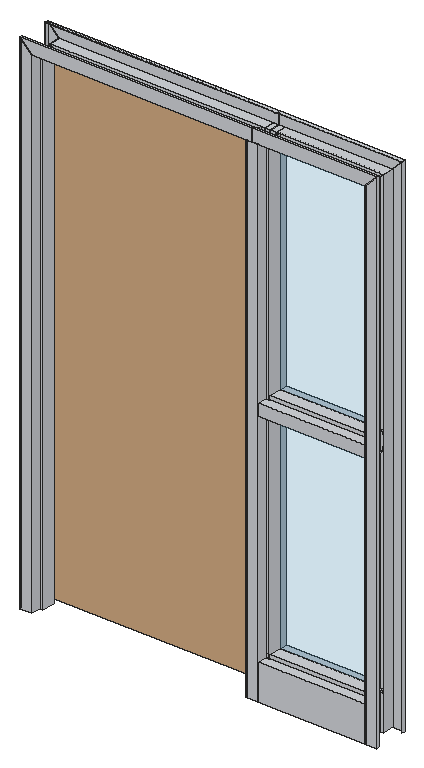
Revit family "SideLight Int-F-WDMF-36 x 84-18 LSLT-4 Head", category Doors, host Wall, Revit 2014
Parameters (values of type "Int-F-WDMF-36 x 84-18 LSLT-4 Head")
  Width = Door Panel Width  # 3' - 0"
  Wall Thickness [instance] = 0' - 5 3/4"
  URL = ""
  Type Comments = "EXT,"
  Thickness = 0' - 1 3/4"
  Swing Angle [instance] = 90.00°
  Sidelite Width = P1 Width - 0' 2"  # 1' - 6"
  SDI RO Spacing = 0' - 0"
  SDI Panel 1 Width = Leaf Width + 0' 0 3/16"  # 3' - 0"
  SDI No Panels = ""
  SDI Left Sidelite Width = Sidelite Width  # 1' - 6"
  SDI HW Set [instance] = ""
  SDI HW Item 20 [instance] = ""
  SDI HW Item 19 [instance] = ""
  SDI HW Item 18 [instance] = ""
  SDI HW Item 17 [instance] = ""
  SDI HW Item 16 [instance] = ""
  SDI HW Item 15 [instance] = ""
  SDI HW Item 14 [instance] = ""
  SDI HW Item 13 [instance] = ""
  SDI HW Item 12 [instance] = ""
  SDI HW Item 11 [instance] = ""
  SDI HW Item 10 [instance] = ""
  SDI HW Item 09 [instance] = ""
  SDI HW Item 08 [instance] = ""
  SDI HW Item 07 [instance] = ""
  SDI HW Item 06 [instance] = ""
  SDI HW Item 05 [instance] = ""
  SDI HW Item 04 [instance] = ""
  SDI HW Item 03 [instance] = ""
  SDI HW Item 02 [instance] = ""
  SDI HW Item 01 [instance] = ""
  SDI Glass Material = Glass
  SDI Frame Type = "Left Sidelite"
  SDI Frame Sill Width = 0' - 6"
  SDI Frame Material Type = "Hollow Metal"
  SDI Frame Material = Paint - Generic - Prime
  SDI Frame Manufacturer = ""
  SDI Frame Jamb Width = 0' - 2"
  SDI Frame Head Width = 0' - 2"
  SDI Frame Finish Type = "Painted"
  SDI Frame Finish Color = "Prime"
  SDI Frame Depth [instance] = 0' - 5 3/4"
  SDI Family Version = "1.0"
  SDI Door Panel Type = "F"
  SDI Door Material Type = "Wood"
  SDI Door Material = Stain - SRO - Red Oak 100 Clear
  SDI Door Manufacturer = ""
  SDI Door Finish Type = "SRO"
  SDI Door Finish Color = "Red Oak 100 Clear"
  SDI Door Configuration = "SG"
  SDI Arch Frame Type [instance] = ""
  SDI Arch Frame Material Type [instance] = "HM"
  SDI Arch Door Panel Type [instance] = "F"
  SDI Arch Door Material Type [instance] = "WD"
  SDI Adjacent Wall Placement = 0' - 4"
  Rough Width = Frame Width - 0' 0" + 2 * SDI RO Spacing  # 5' - 0"
  Rough Height = Frame Height - 0' 0" + SDI RO Spacing  # 7' - 2"
  R1 Height = 7' - 0"
  P2 Width = 3' - 2"
  P1 Width = 1' - 8"
  Model = "Int-F-WDMF-36 x 84-18 LSLT-4 Head"
  Manufacturer = ""
  Leaf Width = P2 Width - 0' 2 3/16"  # 2' - 11 13/16"
  Height = Door Panel Height  # 7' - 0"
  Glass Offset [instance] = 0' 2 1/16" + (SDI Frame Depth - 0' 5 3/4") / 2  # 0' - 2 1/16"
  Function = Interior
  Frame Width = P1 Width + P2 Width + 0' 2"  # 5' - 0"
  Frame Offset [instance] = if(Aligned Exterior, SDI Frame Depth / 2, if(Aligned Center, Wall Thickness / 2, if(Aligned Interior, Wall Thickness - SDI Frame Depth + SDI Frame Depth / 2, Aligned Other)))  # 0' - 2 7/8"
  Frame Height = R1 Height + 0' 2"  # 7' - 2"
  Fire Rating = ""
  Exterior Glazing [instance] = no
  Door Panel Width = P2 Width - 0' 2"  # 3' - 0"
  Door Panel Height = R1 Height + 0' 2" - (0' 2")  # 7' - 0"
  Door Offset [instance] = 0' 2 13/16" + (SDI Frame Depth - 0' 5 3/4") / 2  # 0' - 2 13/16"
  Description = "Wood Door with Hollow Metal Frame"
  Cost = 0
  Assembly Code = "C1020320"
  Analytic Construction = "<None>"
  Aligned Other [instance] = 0' - 0"
  Aligned Interior [instance] = no
  Aligned Exterior [instance] = yes
  Aligned Center [instance] = no
  ADA Clearance Lines = no
Reference planes (in)
  plane 1: y = 0
  plane 2 "Center (Left/Right)": x = 0
  plane 3 "Wall Edge": y = 2.875
  plane 4 "Wall Interior": y = -2.875
  plane 5 "ModelRefLevel": z = 0
  plane 6 "FrameDepthPlane": y = 0
  plane 7 "FrameFront": y = 2.875
  plane 8 "FrameBack": y = -2.875
  plane 9 "V0": x = 29
  plane 10 "V1": x = 9
  plane 11 "V2": x = -29
  plane 12 "H0": z = 1
  plane 13 "H1": z = 85
  plane 14 "InTermLeftJamb0": x = 28
  plane 15 "OutTermLeftJamb0": x = 30
  plane 16 "OutsideJamb1": x = 8
  plane 17 "InsideJamb1": x = 10
  plane 18 "InTermRightJamb2": x = -28
  plane 19 "OutTermRightJamb2": x = -30
  plane 20 "D0.151041666666667": y = 1.0625
  plane 21 "D0.109375": y = 1.5625
  plane 22 "DoorLeft": x = 8
  plane 23 "DoorRight": x = -28
  plane 24 "DoorCenter": x = -10
  plane 25 "DoorTop": z = 83.875
  plane 26 "DoorCenterTB": z = 41.9375
  plane 27 "DoorExtFace": y = 2.8125
  plane 28 "DoorGlassFace": y = 2.0625
  plane 29 "LockCenterLine": z = 41.3125
  plane 30 "ActDoorRight": x = -27.90625
  plane 31 "SwingClrPlane": y = 62.875
  plane 32 "SwingPartialPlane": y = 50.875
  plane 33 "LeftAdjWall": x = 34
  plane 34: z = 43
Forms (in)
  Extrusion 1, solid
    sketch origin (148.6875, 0, 43) x (-1, 0, 0) y (0, -1, 0)
      loop
        line (118.6875, -2.375) -> (118.6875, -2.875) -> (120.6875, -2.875) -> (120.6875, -0.9375) -> (121.3125, -0.9375) -> (121.3125, 1.3125) -> (120.6875, 1.3125) -> (120.6875, 2.875) -> (118.6875, 2.875) -> (118.6875, 2.4375) -> (118.75, 2.4375) -> (118.75, 2.8125) -> (120.625, 2.8125) -> (120.625, 1.25) -> (121.25, 1.25) -> (121.25, -0.875) -> (120.625, -0.875) -> (120.625, -2.8125) -> (118.75, -2.8125) -> (118.75, -2.375) -> (118.6875, -2.375)
    from -43 to 43
  Extrusion 2, void
    sketch origin (0, 2.875, 0) x (1, 0, 0) y (0, 0, 1)
      loop
        line (30, 86) -> (27.375, 86) -> (27.375, 83.375) -> (30, 86)
    from -12 to 12
  Extrusion 3, solid
    sketch origin (129, 0, 42) x (-1, 0, 0) y (0, -1, 0)
      loop
        line (119, -2.875) -> (121, -2.875) -> (121, -0.9375) -> (121.625, -0.9375) -> (121.625, 1.3125) -> (121, 1.3125) -> (121, 2.875) -> (119, 2.875) -> (119, 1.3125) -> (118.375, 1.3125) -> (118.375, -0.9375) -> (119, -0.9375) -> (119, -2.875)
      loop
        line (119.0625, -2.8125) -> (120.9375, -2.8125) -> (120.9375, -0.875) -> (121.5625, -0.875) -> (121.5625, 1.25) -> (120.9375, 1.25) -> (120.9375, 2.8125) -> (119.0625, 2.8125) -> (119.0625, 1.25) -> (118.4375, 1.25) -> (118.4375, -0.875) -> (119.0625, -0.875) -> (119.0625, -2.8125)
    from -42 to 42
  Extrusion 4, solid
    sketch origin (91.3125, 0, 43) x (-1, 0, 0) y (0, -1, 0)
      loop
        line (121.25, -2.375) -> (121.25, -2.8125) -> (119.375, -2.8125) -> (119.375, -0.875) -> (118.75, -0.875) -> (118.75, 1.25) -> (119.375, 1.25) -> (119.375, 2.8125) -> (121.25, 2.8125) -> (121.25, 2.4375) -> (121.3125, 2.4375) -> (121.3125, 2.875) -> (119.3125, 2.875) -> (119.3125, 1.3125) -> (118.6875, 1.3125) -> (118.6875, -0.9375) -> (119.3125, -0.9375) -> (119.3125, -2.875) -> (121.3125, -2.875) -> (121.3125, -2.375) -> (121.25, -2.375)
    from -43 to 43
  Extrusion 5, void
    sketch origin (0, 2.875, 0) x (1, 0, 0) y (0, 0, 1)
      loop
        line (-30, 86) -> (-27.375, 83.375) -> (-27.375, 86) -> (-30, 86)
    from -12 to 12
  Extrusion 6, solid
    sketch origin (19, 0, 3.3125) x (0, 1, 0) y (0, 0, 1)
      loop
        line (2.375, -3.3125) -> (2.875, -3.3125) -> (2.875, 2.6875) -> (0.9375, 2.6875) -> (0.9375, 3.3125) -> (-1.3125, 3.3125) -> (-1.3125, 2.6875) -> (-2.875, 2.6875) -> (-2.875, -3.3125) -> (-2.4375, -3.3125) -> (-2.4375, -3.25) -> (-2.8125, -3.25) -> (-2.8125, 2.625) -> (-1.25, 2.625) -> (-1.25, 3.25) -> (0.875, 3.25) -> (0.875, 2.625) -> (2.8125, 2.625) -> (2.8125, -3.25) -> (2.375, -3.25) -> (2.375, -3.3125)
    from -9 to 9
  Extrusion 7, solid
    sketch origin (19.5, 0, 84.6875) x (0, 1, 0) y (0, 0, 1)
      loop
        line (2.375, 1.25) -> (2.8125, 1.25) -> (2.8125, -0.625) -> (0.875, -0.625) -> (0.875, -1.25) -> (-1.25, -1.25) -> (-1.25, -0.625) -> (-2.8125, -0.625) -> (-2.8125, 1.25) -> (-2.4375, 1.25) -> (-2.4375, 1.3125) -> (-2.875, 1.3125) -> (-2.875, -0.6875) -> (-1.3125, -0.6875) -> (-1.3125, -1.3125) -> (0.9375, -1.3125) -> (0.9375, -0.6875) -> (2.875, -0.6875) -> (2.875, 1.3125) -> (2.375, 1.3125) -> (2.375, 1.25)
    from -10.5 to 10.5
  Extrusion 8, void
    sketch origin (0, 2.875, 0) x (1, 0, 0) y (0, 0, 1)
      loop
        line (30, 86) -> (27.375, 83.375) -> (30, 83.375) -> (30, 86)
    from -12 to 12
  Extrusion 9, solid
    sketch origin (-10.5, 0, 84.6875) x (0, 1, 0) y (0, 0, 1)
      loop
        line (2.375, 1.25) -> (2.8125, 1.25) -> (2.8125, -0.625) -> (0.875, -0.625) -> (0.875, -1.25) -> (-1.25, -1.25) -> (-1.25, -0.625) -> (-2.8125, -0.625) -> (-2.8125, 1.25) -> (-2.4375, 1.25) -> (-2.4375, 1.3125) -> (-2.875, 1.3125) -> (-2.875, -0.6875) -> (-1.3125, -0.6875) -> (-1.3125, -1.3125) -> (0.9375, -1.3125) -> (0.9375, -0.6875) -> (2.875, -0.6875) -> (2.875, 1.3125) -> (2.375, 1.3125) -> (2.375, 1.25)
    from -19.5 to 19.5
  Extrusion 10, void
    sketch origin (0, 2.875, 0) x (1, 0, 0) y (0, 0, 1)
      loop
        line (-30, 86) -> (-30, 83.375) -> (-27.375, 83.375) -> (-30, 86)
    from -12 to 12
  Extrusion 11, solid, material "Glass" <- "SDI Glass Material"
    sketch origin (-60, 1.0625, -12) x (1, 0, 0) y (0, 0, 1)
      loop
        line (88, 18) -> (88, 55) -> (70, 55) -> (70, 18) -> (88, 18)
      loop
        line (70, 96) -> (70, 57) -> (88, 57) -> (88, 96) -> (70, 96)
    from -0.125 to 0.125
  Extrusion 12, solid, material "Glass" <- "SDI Glass Material", visible <- "Exterior Glazing"
    sketch origin (-60, 1.5625, -12) x (1, 0, 0) y (0, 0, 1)
      loop
        line (88, 18) -> (88, 55) -> (70, 55) -> (70, 18) -> (88, 18)
      loop
        line (70, 96) -> (70, 57) -> (88, 57) -> (88, 96) -> (70, 96)
    from -0.125 to 0.125
  Extrusion 13, solid, material "Stain - SRO - Red Oak 100 Clear" <- "SDI Door Material"
    sketch origin (-60, 2.8125, -12) x (1, 0, 0) y (0, 0, 1)
      loop
        line (32.09375, 12.625) -> (67.90625, 12.625) -> (67.90625, 95.875) -> (32.09375, 95.875) -> (32.09375, 12.625)
    from 0 to 1.75
  Sweep 14, solid
    path origin (-0.0103, 2.88029, -0.01559) x (1, 0, 0) y (0, 0, 1)
      loop
        line (28.0103, 44) -> (10.0103, 44)
    profile origin (19, 2.88029, 43.98441) x (0, 0, -1) y (0, -1, 0)
      loop
        line (1.54687, 4.12988) -> (0.92187, 4.12988) -> (0.92187, 5.69238) -> (-0.95312, 5.69238) -> (-0.95312, 4.12988) -> (-1.57812, 4.12988) -> (-1.57812, 2.00488) -> (-0.95312, 2.00488) -> (-0.95312, 0.06738) -> (0.92187, 0.06738) -> (0.92187, 2.00488) -> (1.54687, 2.00488) -> (1.54687, 4.12988)
      loop
        line (-1.01562, 0.00488) -> (0.98437, 0.00488) -> (0.98437, 1.94238) -> (1.60937, 1.94238) -> (1.60937, 4.19238) -> (0.98437, 4.19238) -> (0.98437, 5.75488) -> (-1.01562, 5.75488) -> (-1.01562, 4.19238) -> (-1.64062, 4.19238) -> (-1.64062, 1.94238) -> (-1.01562, 1.94238) -> (-1.01562, 0.00488)
Cuts and joins
  Extrusion 2 cuts Extrusion 1
  Extrusion 5 cuts Extrusion 4
  Extrusion 8 cuts Extrusion 7
  Extrusion 10 cuts Extrusion 9
Lines and regions (in)
  Opening 1
    outline origin (-60, -2.875, 0) x (1, 0, 0) y (0, 0, 1)
      loop
        line (90, 0) -> (90, 86) -> (30, 86) -> (30, 0) -> (90, 0)
  symbolic lines, style "DoorsFrameMullionProjection", detail levels fine
    curve 1: line (30, 2.375, 0) -> (30, 2.875, 0)
    curve 2: line (30, 2.875, 0) -> (28, 2.875, 0)
    curve 3: line (28, 2.875, 0) -> (28, 0.9375, 0)
    curve 4: line (28, 0.9375, 0) -> (27.375, 0.9375, 0)
    curve 5: line (27.375, 0.9375, 0) -> (27.375, -1.3125, 0)
    curve 6: line (27.375, -1.3125, 0) -> (28, -1.3125, 0)
    curve 7: line (28, -1.3125, 0) -> (28, -2.875, 0)
    curve 8: line (28, -2.875, 0) -> (30, -2.875, 0)
    curve 9: line (30, -2.875, 0) -> (30, -2.4375, 0)
    curve 10: line (30, -2.4375, 0) -> (29.9375, -2.4375, 0)
    curve 11: line (29.9375, -2.4375, 0) -> (29.9375, -2.8125, 0)
    curve 12: line (29.9375, -2.8125, 0) -> (28.0625, -2.8125, 0)
    curve 13: line (28.0625, -2.8125, 0) -> (28.0625, -1.25, 0)
    curve 14: line (28.0625, -1.25, 0) -> (27.4375, -1.25, 0)
    curve 15: line (27.4375, -1.25, 0) -> (27.4375, 0.875, 0)
    curve 16: line (27.4375, 0.875, 0) -> (28.0625, 0.875, 0)
    curve 17: line (28.0625, 0.875, 0) -> (28.0625, 2.8125, 0)
    curve 18: line (28.0625, 2.8125, 0) -> (29.9375, 2.8125, 0)
    curve 19: line (29.9375, 2.8125, 0) -> (29.9375, 2.375, 0)
    curve 20: line (29.9375, 2.375, 0) -> (30, 2.375, 0)
    curve 25: line (10, 2.875, 0) -> (8, 2.875, 0)
    curve 26: line (8, 2.875, 0) -> (8, 0.9375, 0)
    curve 27: line (8, 0.9375, 0) -> (7.375, 0.9375, 0)
    curve 28: line (7.375, 0.9375, 0) -> (7.375, -1.3125, 0)
    curve 29: line (7.375, -1.3125, 0) -> (8, -1.3125, 0)
    curve 30: line (8, -1.3125, 0) -> (8, -2.875, 0)
    curve 31: line (8, -2.875, 0) -> (10, -2.875, 0)
    curve 32: line (10, -2.875, 0) -> (10, -1.3125, 0)
    curve 33: line (10, -1.3125, 0) -> (10.625, -1.3125, 0)
    curve 34: line (10.625, -1.3125, 0) -> (10.625, 0.9375, 0)
    curve 35: line (10.625, 0.9375, 0) -> (10, 0.9375, 0)
    curve 36: line (10, 0.9375, 0) -> (10, 2.875, 0)
    curve 37: line (9.9375, 2.8125, 0) -> (8.0625, 2.8125, 0)
    curve 38: line (8.0625, 2.8125, 0) -> (8.0625, 0.875, 0)
    curve 39: line (8.0625, 0.875, 0) -> (7.4375, 0.875, 0)
    curve 40: line (7.4375, 0.875, 0) -> (7.4375, -1.25, 0)
    curve 41: line (7.4375, -1.25, 0) -> (8.0625, -1.25, 0)
    curve 42: line (8.0625, -1.25, 0) -> (8.0625, -2.8125, 0)
    curve 43: line (8.0625, -2.8125, 0) -> (9.9375, -2.8125, 0)
    curve 44: line (9.9375, -2.8125, 0) -> (9.9375, -1.25, 0)
    curve 45: line (9.9375, -1.25, 0) -> (10.5625, -1.25, 0)
    curve 46: line (10.5625, -1.25, 0) -> (10.5625, 0.875, 0)
    curve 47: line (10.5625, 0.875, 0) -> (9.9375, 0.875, 0)
    curve 48: line (9.9375, 0.875, 0) -> (9.9375, 2.8125, 0)
    curve 53: line (-29.9375, 2.375, 0) -> (-29.9375, 2.8125, 0)
    curve 54: line (-29.9375, 2.8125, 0) -> (-28.0625, 2.8125, 0)
    curve 55: line (-28.0625, 2.8125, 0) -> (-28.0625, 0.875, 0)
    curve 56: line (-28.0625, 0.875, 0) -> (-27.4375, 0.875, 0)
    curve 57: line (-27.4375, 0.875, 0) -> (-27.4375, -1.25, 0)
    curve 58: line (-27.4375, -1.25, 0) -> (-28.0625, -1.25, 0)
    curve 59: line (-28.0625, -1.25, 0) -> (-28.0625, -2.8125, 0)
    curve 60: line (-28.0625, -2.8125, 0) -> (-29.9375, -2.8125, 0)
    curve 61: line (-29.9375, -2.8125, 0) -> (-29.9375, -2.4375, 0)
    curve 62: line (-29.9375, -2.4375, 0) -> (-30, -2.4375, 0)
    curve 63: line (-30, -2.4375, 0) -> (-30, -2.875, 0)
    curve 64: line (-30, -2.875, 0) -> (-28, -2.875, 0)
    curve 65: line (-28, -2.875, 0) -> (-28, -1.3125, 0)
    curve 66: line (-28, -1.3125, 0) -> (-27.375, -1.3125, 0)
    curve 67: line (-27.375, -1.3125, 0) -> (-27.375, 0.9375, 0)
    curve 68: line (-27.375, 0.9375, 0) -> (-28, 0.9375, 0)
    curve 69: line (-28, 0.9375, 0) -> (-28, 2.875, 0)
    curve 70: line (-28, 2.875, 0) -> (-30, 2.875, 0)
    curve 71: line (-30, 2.875, 0) -> (-30, 2.375, 0)
    curve 72: line (-30, 2.375, 0) -> (-29.9375, 2.375, 0)
  symbolic lines, style "DoorsFrameMullionProjection", detail levels coarse+medium
    curve 21: line (28, -2.875, 0) -> (30, -2.875, 0)
    curve 22: line (28, 2.875, 0) -> (30, 2.875, 0)
    curve 23: line (28, -2.875, 0) -> (28, 2.875, 0)
    curve 24: line (30, -2.875, 0) -> (30, 2.875, 0)
    curve 49: line (8, -2.875, 0) -> (10, -2.875, 0)
    curve 50: line (8, 2.875, 0) -> (10, 2.875, 0)
    curve 51: line (8, -2.875, 0) -> (8, 2.875, 0)
    curve 52: line (10, -2.875, 0) -> (10, 2.875, 0)
    curve 73: line (-30, -2.875, 0) -> (-28, -2.875, 0)
    curve 74: line (-30, 2.875, 0) -> (-28, 2.875, 0)
    curve 75: line (-30, -2.875, 0) -> (-30, 2.875, 0)
    curve 76: line (-28, -2.875, 0) -> (-28, 2.875, 0)
  symbolic lines, style "Elevation Swing"
    curve 77: line (7.90625, 2.875, 83.875) -> (-27.90625, 2.875, 41.9375)
    curve 78: line (7.90625, 2.875, 0) -> (-27.90625, 2.875, 41.9375)
  symbolic lines, style "ADA Clearance", visible <- "ADA Clearance Lines"
    curve 79: line (-30, 2.875, 0) -> (-30, 62.875, 0)
    curve 80: line (26, 62.875, 0) -> (-30, 62.875, 0)
    curve 81: line (26, 50.875, 0) -> (-30, 50.875, 0)
    curve 82: line (26, 2.875, 0) -> (26, 62.875, 0)
    curve 83: line (-30, -2.875, 0) -> (-30, -50.875, 0)
    curve 84: line (20, -50.875, 0) -> (-30, -50.875, 0)
    curve 85: line (20, -2.875, 0) -> (20, -50.875, 0)
Text (in)
  text "Placement Side" at (0, 40.15149, 123.01588), in view "Right"
  text "Placement Side" at (-70.3804, 28.46503, 0), in view "Ref. Level"
  text "Placement Side" at (0, 81.62555, 140.59947), in view "Left"
Dimensions and locks (in)
  locked: plane 3 "Wall Edge" to host wall
  equal spacing: host wall, plane 2 "Center (Left/Right)", host wall
  "Rough Width": host wall to host wall
  "Rough Height": level to host wall
  equal spacing: plane 3 "Wall Edge", plane 1, plane 4 "Wall Interior"
  "Wall Thickness": host wall to host wall
  "Frame Offset": plane 3 "Wall Edge" to plane 6 "FrameDepthPlane"
  equal spacing: plane 7 "FrameFront", plane 6 "FrameDepthPlane", plane 8 "FrameBack"
  "SDI Frame Depth": plane 7 "FrameFront" to plane 8 "FrameBack"
  equal spacing: plane 9 "V0", plane 2 "Center (Left/Right)", plane 11 "V2"
  "P1 Width": plane 9 "V0" to plane 10 "V1"
  "P2 Width": plane 10 "V1" to plane 11 "V2"
  "R1 Height": plane 12 "H0" to plane 13 "H1"
  locked: plane 13 "H1" to Extrusion 1 at 1
  locked: plane 12 "H0" to Extrusion 1 at 1
  locked: plane 9 "V0" to Extrusion 1 at 1  (x4)
  locked: plane 9 "V0" to Extrusion 1 at 0.9375  (x5)
  locked: plane 9 "V0" to Extrusion 1 at 1.5625
  locked: plane 9 "V0" to Extrusion 1 at 1.625
  locked: plane 9 "V0" to curve 1 at 1
  locked: plane 9 "V0" to curve 2 at 1
  locked: plane 9 "V0" to curve 3 at 1
  locked: plane 9 "V0" to curve 4 at 1
  locked: plane 9 "V0" to curve 5 at 1.625
  locked: plane 9 "V0" to curve 6 at 1.625
  locked: plane 9 "V0" to curve 7 at 1
  locked: plane 9 "V0" to curve 8 at 1
  locked: plane 9 "V0" to curve 9 at 1
  locked: plane 9 "V0" to curve 10 at 1
  locked: plane 9 "V0" to curve 11 at 0.9375
  locked: plane 9 "V0" to curve 12 at 0.9375
  locked: plane 9 "V0" to curve 13 at 0.9375
  locked: plane 9 "V0" to curve 14 at 0.9375
  locked: plane 9 "V0" to curve 15 at 1.5625
  locked: plane 9 "V0" to curve 16 at 1.5625
  locked: plane 9 "V0" to curve 17 at 0.9375
  locked: plane 9 "V0" to curve 18 at 0.9375
  locked: plane 9 "V0" to curve 19 at 0.9375
  locked: plane 9 "V0" to curve 20 at 0.9375
  locked: plane 9 "V0" to plane 15 "OutTermLeftJamb0" at 1
  locked: plane 9 "V0" to plane 14 "InTermLeftJamb0" at 1
  locked: plane 9 "V0" to curve 21 at 1
  locked: plane 9 "V0" to curve 22 at 1
  locked: plane 9 "V0" to curve 23 at 1
  locked: plane 9 "V0" to curve 24 at 1
  locked: plane 13 "H1" to Extrusion 3 at 1
  locked: plane 12 "H0" to Extrusion 3 at 1
  locked: plane 10 "V1" to Extrusion 3 at 1  (x5)
  locked: plane 10 "V1" to Extrusion 3 at 1.625  (x2)
  locked: plane 10 "V1" to Extrusion 3 at 0.9375  (x4)
  locked: plane 10 "V1" to Extrusion 3 at 1.5625  (x2)
  locked: plane 10 "V1" to curve 25 at 1
  locked: plane 10 "V1" to curve 26 at 1
  locked: plane 10 "V1" to curve 27 at 1
  locked: plane 10 "V1" to curve 28 at 1.625
  locked: plane 10 "V1" to curve 29 at 1.625
  locked: plane 10 "V1" to curve 30 at 1
  locked: plane 10 "V1" to curve 31 at 1
  locked: plane 10 "V1" to curve 32 at 1
  locked: plane 10 "V1" to curve 33 at 1
  locked: plane 10 "V1" to curve 34 at 1.625
  locked: plane 10 "V1" to curve 35 at 1.625
  locked: plane 10 "V1" to curve 36 at 1
  locked: plane 10 "V1" to curve 37 at 0.9375
  locked: plane 10 "V1" to curve 38 at 0.9375
  locked: plane 10 "V1" to curve 39 at 0.9375
  locked: plane 10 "V1" to curve 40 at 1.5625
  locked: plane 10 "V1" to curve 41 at 1.5625
  locked: plane 10 "V1" to curve 42 at 0.9375
  locked: plane 10 "V1" to curve 43 at 0.9375
  locked: plane 10 "V1" to curve 44 at 0.9375
  locked: plane 10 "V1" to curve 45 at 0.9375
  locked: plane 10 "V1" to curve 46 at 1.5625
  locked: plane 10 "V1" to curve 47 at 1.5625
  locked: plane 10 "V1" to curve 48 at 0.9375
  locked: plane 10 "V1" to plane 16 "OutsideJamb1" at 1
  locked: plane 10 "V1" to plane 17 "InsideJamb1" at 1
  locked: plane 10 "V1" to curve 49 at 1
  locked: plane 10 "V1" to curve 50 at 1
  locked: plane 10 "V1" to curve 51 at 1
  locked: plane 10 "V1" to curve 52 at 1
  locked: plane 13 "H1" to Extrusion 4 at 1
  locked: plane 12 "H0" to Extrusion 4 at 1
  locked: plane 11 "V2" to Extrusion 4 at 0.9375  (x4)
  locked: plane 11 "V2" to Extrusion 4 at 1  (x5)
  locked: plane 11 "V2" to Extrusion 4 at 1.625
  locked: plane 11 "V2" to Extrusion 4 at 1.5625
  locked: plane 11 "V2" to curve 53 at 0.9375
  locked: plane 11 "V2" to curve 54 at 0.9375
  locked: plane 11 "V2" to curve 55 at 0.9375
  locked: plane 11 "V2" to curve 56 at 0.9375
  locked: plane 11 "V2" to curve 57 at 1.5625
  locked: plane 11 "V2" to curve 58 at 1.5625
  locked: plane 11 "V2" to curve 59 at 0.9375
  locked: plane 11 "V2" to curve 60 at 0.9375
  locked: plane 11 "V2" to curve 61 at 0.9375
  locked: plane 11 "V2" to curve 62 at 0.9375
  locked: plane 11 "V2" to curve 63 at 1
  locked: plane 11 "V2" to curve 64 at 1
  locked: plane 11 "V2" to curve 65 at 1
  locked: plane 11 "V2" to curve 66 at 1
  locked: plane 11 "V2" to curve 67 at 1.625
  locked: plane 11 "V2" to curve 68 at 1.625
  locked: plane 11 "V2" to curve 69 at 1
  locked: plane 11 "V2" to curve 70 at 1
  locked: plane 11 "V2" to curve 71 at 1
  locked: plane 11 "V2" to curve 72 at 1
  locked: plane 11 "V2" to plane 18 "InTermRightJamb2" at 1
  locked: plane 11 "V2" to plane 19 "OutTermRightJamb2" at 1
  locked: plane 11 "V2" to curve 73 at 1
  locked: plane 11 "V2" to curve 74 at 1
  locked: plane 11 "V2" to curve 75 at 1
  locked: plane 11 "V2" to curve 76 at 1
  locked: plane 9 "V0" to Extrusion 6 at 1
  locked: plane 10 "V1" to Extrusion 6 at 1
  locked: plane 12 "H0" to Extrusion 6 at 5  (x2)
  locked: plane 12 "H0" to Extrusion 6 at 5.625
  locked: plane 12 "H0" to Extrusion 6 at 0.9375  (x2)
  locked: plane 12 "H0" to Extrusion 6 at 1  (x3)
  locked: plane 12 "H0" to Extrusion 6 at 4.9375  (x2)
  locked: plane 12 "H0" to Extrusion 6 at 5.5625
  locked: plane 9 "V0" to Extrusion 7 at 1
  locked: plane 13 "H1" to Extrusion 7 at 0.9375  (x5)
  locked: plane 13 "H1" to Extrusion 7 at 1.5625
  locked: plane 13 "H1" to Extrusion 7 at 1  (x4)
  locked: plane 13 "H1" to Extrusion 7 at 1.625
  locked: plane 11 "V2" to Extrusion 9 at 1
  locked: plane 13 "H1" to Extrusion 9 at 0.9375  (x5)
  locked: plane 13 "H1" to Extrusion 9 at 1.5625
  locked: plane 13 "H1" to Extrusion 9 at 1  (x4)
  locked: plane 13 "H1" to Extrusion 9 at 1.625
  locked: plane 7 "FrameFront" to cut or joined group of Extrusion 1, Extrusion 2 at 1.9375
  locked: plane 7 "FrameFront" to cut or joined group of Extrusion 1, Extrusion 2 at 2
  locked: plane 7 "FrameFront" to cut or joined group of Extrusion 1, Extrusion 2 at 0.0625
  locked: plane 7 "FrameFront" to cut or joined group of Extrusion 1, Extrusion 2 at 0.5
  locked: plane 8 "FrameBack" to cut or joined group of Extrusion 1, Extrusion 2 at 1.5625
  locked: plane 8 "FrameBack" to cut or joined group of Extrusion 1, Extrusion 2 at 0.4375
  locked: plane 8 "FrameBack" to cut or joined group of Extrusion 1, Extrusion 2 at 0.0625
  locked: plane 8 "FrameBack" to cut or joined group of Extrusion 1, Extrusion 2 at 1.625
  locked: plane 7 "FrameFront" to Extrusion 3 at 1.9375  (x2)
  locked: plane 7 "FrameFront" to Extrusion 3 at 0.0625
  locked: plane 7 "FrameFront" to Extrusion 3 at 2  (x2)
  locked: plane 8 "FrameBack" to Extrusion 3 at 1.5625  (x2)
  locked: plane 8 "FrameBack" to Extrusion 3 at 1.625  (x2)
  locked: plane 8 "FrameBack" to Extrusion 3 at 0.0625
  locked: plane 7 "FrameFront" to cut or joined group of Extrusion 4, Extrusion 5 at 0.0625
  locked: plane 7 "FrameFront" to cut or joined group of Extrusion 4, Extrusion 5 at 2
  locked: plane 7 "FrameFront" to cut or joined group of Extrusion 4, Extrusion 5 at 1.9375
  locked: plane 7 "FrameFront" to cut or joined group of Extrusion 4, Extrusion 5 at 0.5
  locked: plane 8 "FrameBack" to cut or joined group of Extrusion 4, Extrusion 5 at 1.625
  locked: plane 8 "FrameBack" to cut or joined group of Extrusion 4, Extrusion 5 at 0.0625
  locked: plane 8 "FrameBack" to cut or joined group of Extrusion 4, Extrusion 5 at 0.4375
  locked: plane 8 "FrameBack" to cut or joined group of Extrusion 4, Extrusion 5 at 1.5625
  locked: plane 7 "FrameFront" to Extrusion 6 at 1.9375
  locked: plane 7 "FrameFront" to Extrusion 6 at 2
  locked: plane 7 "FrameFront" to Extrusion 6 at 0.0625
  locked: plane 7 "FrameFront" to Extrusion 6 at 0.5
  locked: plane 8 "FrameBack" to Extrusion 6 at 1.5625
  locked: plane 8 "FrameBack" to Extrusion 6 at 0.4375
  locked: plane 8 "FrameBack" to Extrusion 6 at 0.0625
  locked: plane 8 "FrameBack" to Extrusion 6 at 1.625
  locked: plane 7 "FrameFront" to cut or joined group of Extrusion 7, Extrusion 8 at 0.0625
  locked: plane 7 "FrameFront" to cut or joined group of Extrusion 7, Extrusion 8 at 2
  locked: plane 7 "FrameFront" to cut or joined group of Extrusion 7, Extrusion 8 at 1.9375
  locked: plane 7 "FrameFront" to cut or joined group of Extrusion 7, Extrusion 8 at 0.5
  locked: plane 8 "FrameBack" to cut or joined group of Extrusion 7, Extrusion 8 at 1.625
  locked: plane 8 "FrameBack" to cut or joined group of Extrusion 7, Extrusion 8 at 0.0625
  locked: plane 8 "FrameBack" to cut or joined group of Extrusion 7, Extrusion 8 at 0.4375
  locked: plane 8 "FrameBack" to cut or joined group of Extrusion 7, Extrusion 8 at 1.5625
  locked: plane 7 "FrameFront" to cut or joined group of Extrusion 9, Extrusion 10 at 0.0625
  locked: plane 7 "FrameFront" to cut or joined group of Extrusion 9, Extrusion 10 at 2
  locked: plane 7 "FrameFront" to cut or joined group of Extrusion 9, Extrusion 10 at 1.9375
  locked: plane 7 "FrameFront" to cut or joined group of Extrusion 9, Extrusion 10 at 0.5
  locked: plane 8 "FrameBack" to cut or joined group of Extrusion 9, Extrusion 10 at 1.625
  locked: plane 8 "FrameBack" to cut or joined group of Extrusion 9, Extrusion 10 at 0.0625
  locked: plane 8 "FrameBack" to cut or joined group of Extrusion 9, Extrusion 10 at 0.4375
  locked: plane 8 "FrameBack" to cut or joined group of Extrusion 9, Extrusion 10 at 1.5625
  locked: plane 7 "FrameFront" to curve 4 at 1.9375
  locked: plane 7 "FrameFront" to curve 16 at 2
  locked: plane 7 "FrameFront" to curve 18 at 0.0625
  locked: plane 7 "FrameFront" to curve 20 at 0.5
  locked: plane 7 "FrameFront" to curve 27 at 1.9375
  locked: plane 7 "FrameFront" to curve 35 at 1.9375
  locked: plane 7 "FrameFront" to curve 37 at 0.0625
  locked: plane 7 "FrameFront" to curve 39 at 2
  locked: plane 7 "FrameFront" to curve 47 at 2
  locked: plane 7 "FrameFront" to curve 54 at 0.0625
  locked: plane 7 "FrameFront" to curve 56 at 2
  locked: plane 7 "FrameFront" to curve 68 at 1.9375
  locked: plane 7 "FrameFront" to curve 72 at 0.5
  locked: plane 8 "FrameBack" to curve 6 at 1.5625
  locked: plane 8 "FrameBack" to curve 10 at 0.4375
  locked: plane 8 "FrameBack" to curve 12 at 0.0625
  locked: plane 8 "FrameBack" to curve 14 at 1.625
  locked: plane 8 "FrameBack" to curve 29 at 1.5625
  locked: plane 8 "FrameBack" to curve 33 at 1.5625
  locked: plane 8 "FrameBack" to curve 41 at 1.625
  locked: plane 8 "FrameBack" to curve 43 at 0.0625
  locked: plane 8 "FrameBack" to curve 45 at 1.625
  locked: plane 8 "FrameBack" to curve 58 at 1.625
  locked: plane 8 "FrameBack" to curve 60 at 0.0625
  locked: plane 8 "FrameBack" to curve 62 at 0.4375
  locked: plane 8 "FrameBack" to curve 66 at 1.5625
  locked: plane 7 "FrameFront" to Extrusion 11 at 1.9375
  locked: plane 7 "FrameFront" to Extrusion 11 at 1.6875
  locked: plane 7 "FrameFront" to Extrusion 12 at 1.4375
  locked: plane 7 "FrameFront" to Extrusion 12 at 1.1875
  locked: plane 10 "V1" to plane 22 "DoorLeft" at 1
  locked: plane 11 "V2" to plane 23 "DoorRight" at 1
  locked: plane 13 "H1" to plane 25 "DoorTop" at 1.125
  equal spacing: plane 25 "DoorTop", plane 26 "DoorCenterTB", plane 5 "ModelRefLevel"
  "Door Offset": plane 6 "FrameDepthPlane" to plane 27 "DoorExtFace"
  "Glass Offset": plane 6 "FrameDepthPlane" to plane 28 "DoorGlassFace"
  locked: plane 29 "LockCenterLine" to plane 5 "ModelRefLevel" at 41.3125
  locked: Extrusion 13 to Extrusion 13 at 1.75
  locked: plane 22 "DoorLeft" to Extrusion 13 at 0.09375
  locked: plane 23 "DoorRight" to Extrusion 13 at 0.09375
  locked: plane 5 "ModelRefLevel" to Extrusion 13 at 0.625
  locked: plane 23 "DoorRight" to plane 30 "ActDoorRight" at 0.09375
  locked: plane 3 "Wall Edge" to plane 31 "SwingClrPlane" at 60
  locked: plane 3 "Wall Edge" to plane 32 "SwingPartialPlane" at 48
  "SDI Adjacent Wall Placement": plane 15 "OutTermLeftJamb0" to plane 33 "LeftAdjWall"
  equal spacing: plane 12 "H0", plane 34, plane 13 "H1"
  plane 34 to Extrusion 12 sketch curve = 0' - 2"
  aligned and locked: plane 4 "Wall Interior" to host wall
  aligned and locked: Extrusion 7 to plane 10 "V1"
  aligned and locked: plane 10 "V1" to Extrusion 9
  aligned and locked: cut or joined group of Extrusion 1, Extrusion 2 to plane 7 "FrameFront"
  aligned and locked: plane 8 "FrameBack" to cut or joined group of Extrusion 1, Extrusion 2
  aligned and locked: Extrusion 3 to plane 7 "FrameFront"
  aligned and locked: plane 8 "FrameBack" to Extrusion 3
  aligned and locked: cut or joined group of Extrusion 4, Extrusion 5 to plane 7 "FrameFront"
  aligned and locked: plane 8 "FrameBack" to cut or joined group of Extrusion 4, Extrusion 5
  aligned and locked: Extrusion 6 to plane 7 "FrameFront"
  aligned and locked: plane 8 "FrameBack" to Extrusion 6
  aligned and locked: cut or joined group of Extrusion 7, Extrusion 8 to plane 7 "FrameFront"
  aligned and locked: plane 8 "FrameBack" to cut or joined group of Extrusion 7, Extrusion 8
  aligned and locked: cut or joined group of Extrusion 9, Extrusion 10 to plane 7 "FrameFront"
  aligned and locked: plane 8 "FrameBack" to cut or joined group of Extrusion 9, Extrusion 10
  aligned and locked: curve 2 to plane 7 "FrameFront"
  aligned and locked: plane 7 "FrameFront" to curve 22
  aligned and locked: curve 25 to plane 7 "FrameFront"
  aligned and locked: plane 7 "FrameFront" to curve 50
  aligned and locked: curve 70 to plane 7 "FrameFront"
  aligned and locked: plane 7 "FrameFront" to curve 74
  aligned and locked: plane 8 "FrameBack" to curve 8
  aligned and locked: plane 8 "FrameBack" to curve 31
  aligned and locked: plane 8 "FrameBack" to curve 64
  aligned and locked: Extrusion 13 to plane 27 "DoorExtFace"
  aligned and locked: Extrusion 13 to plane 25 "DoorTop"
  aligned and locked: plane 7 "FrameFront" to nested 1
  aligned and locked: plane 30 "ActDoorRight" to nested 1
  aligned and locked: curve 80 to plane 31 "SwingClrPlane"
  aligned and locked: curve 81 to plane 32 "SwingPartialPlane"
  aligned and locked: Extrusion 12 sketch curve to plane 34
  aligned and locked: plane 34 to Extrusion 11 sketch curve
  aligned and locked: Extrusion 11 sketch curve to Extrusion 12
  aligned and locked: plane 17 "InsideJamb1" to Sweep 14 sketch curve
  aligned and locked: plane 14 "InTermLeftJamb0" to Sweep 14 sketch curve
Automatic sketch dimensions
  Opening 1 sketch curve to level = 0' - 0"
  Opening 1 sketch curve to plane 2 "Center (Left/Right)" = 2' - 6"
  plane 2 "Center (Left/Right)" to Opening 1 sketch curve = 2' - 6"
  level to Opening 1 sketch curve = 7' - 2"
  Extrusion 2 sketch curve to plane 9 "V0" = 0' - 1 5/8"
  plane 9 "V0" to Extrusion 2 sketch curve = 0' - 1"
  plane 13 "H1" to Extrusion 2 sketch curve = 0' - 1 5/8"
  Extrusion 2 sketch curve to plane 13 "H1" = 0' - 1"
  Extrusion 1 sketch curve to host wall = 0' - 0"
  host wall to Extrusion 1 sketch curve = 0' - 0"
  Extrusion 1 sketch curve to host wall = 0' - 0 1/2"
  plane 2 "Center (Left/Right)" to Extrusion 1 sketch curve = 2' - 6"  (x2)
  Extrusion 1 sketch curve to host wall = 0' - 0 7/16"
  Extrusion 1 sketch curve to Extrusion 1 sketch curve = 0' - 0 1/16"  (x7)
  plane 2 "Center (Left/Right)" to Extrusion 1 sketch curve = 2' - 4 1/16"  (x2)
  Extrusion 1 sketch curve to host wall = 0' - 0 1/16"  (x2)
  Extrusion 1 sketch curve to Extrusion 1 sketch curve = 0' - 0 9/16"
  Extrusion 1 sketch curve to host wall = 0' - 0 15/16"
  host wall to Extrusion 1 sketch curve = 0' - 1 1/4"
  plane 9 "V0" to curve 1 = 0' - 1"
  curve 3 to curve 4 = 0' - 0 5/8"
  curve 7 to plane 9 "V0" = 0' - 1"
  curve 9 to curve 10 = 0' - 0 1/16"
  curve 12 to curve 7 = 0' - 0 1/16"
  curve 14 to curve 5 = 0' - 0 1/16"
  curve 16 to curve 3 = 0' - 0 1/16"
  curve 1 to curve 18 = 0' - 0 1/16"
  Extrusion 3 sketch curve to host wall = 0' - 0"
  host wall to Extrusion 3 sketch curve = 0' - 0"
  plane 2 "Center (Left/Right)" to Extrusion 3 sketch curve = 0' - 10 5/8"
  Extrusion 3 sketch curve to Extrusion 3 sketch curve = 0' - 0 1/16"  (x10)
  plane 2 "Center (Left/Right)" to Extrusion 3 sketch curve = 0' - 10"
  Extrusion 3 sketch curve to Extrusion 3 sketch curve = 0' - 0 9/16"  (x2)
  Extrusion 3 sketch curve to host wall = 0' - 0 1/16"  (x2)
  plane 2 "Center (Left/Right)" to Extrusion 3 sketch curve = 0' - 8 1/16"  (x2)
  Extrusion 3 sketch curve to host wall = 0' - 0 15/16"  (x2)
  host wall to Extrusion 3 sketch curve = 0' - 1 1/4"  (x2)
  curve 26 to curve 27 = 0' - 0 5/8"
  curve 33 to curve 32 = 0' - 0 5/8"
  curve 36 to curve 37 = 0' - 0 1/16"
  curve 37 to curve 25 = 0' - 0 1/16"
  curve 39 to curve 27 = 0' - 0 1/16"
  curve 41 to curve 29 = 0' - 0 1/16"
  curve 32 to curve 44 = 0' - 0 1/16"
  curve 34 to curve 46 = 0' - 0 1/16"
  curve 50 to plane 17 "InsideJamb1" = 0' - 0"
  curve 51 to plane 16 "OutsideJamb1" = 0' - 0"
  Extrusion 5 sketch curve to plane 11 "V2" = 0' - 1"
  plane 11 "V2" to Extrusion 5 sketch curve = 0' - 1 5/8"
  plane 13 "H1" to Extrusion 5 sketch curve = 0' - 1 5/8"
  Extrusion 5 sketch curve to plane 13 "H1" = 0' - 1"
  host wall to Extrusion 4 sketch curve = 0' - 0"
  Extrusion 4 sketch curve to host wall = 0' - 0"
  Extrusion 4 sketch curve to plane 2 "Center (Left/Right)" = 2' - 3 3/8"
  Extrusion 4 sketch curve to Extrusion 4 sketch curve = 0' - 0 1/16"  (x7)
  Extrusion 4 sketch curve to Extrusion 4 sketch curve = 0' - 0 9/16"  (x2)
  Extrusion 4 sketch curve to host wall = 0' - 0 7/16"
  Extrusion 4 sketch curve to plane 2 "Center (Left/Right)" = 2' - 5 15/16"  (x2)
  Extrusion 4 sketch curve to host wall = 0' - 0 1/2"
  Extrusion 4 sketch curve to host wall = 0' - 0 1/16"  (x2)
  Extrusion 4 sketch curve to host wall = 0' - 0 15/16"
  host wall to Extrusion 4 sketch curve = 0' - 1 1/4"
  plane 11 "V2" to curve 54 = 0' - 0 15/16"
  curve 56 to curve 55 = 0' - 0 5/8"
  curve 60 to plane 11 "V2" = 0' - 0 15/16"
  curve 61 to curve 62 = 0' - 0 1/16"
  curve 65 to curve 58 = 0' - 0 1/16"
  curve 66 to curve 57 = 0' - 0 1/16"
  curve 68 to curve 55 = 0' - 0 1/16"
  curve 53 to curve 70 = 0' - 0 1/16"
  Extrusion 6 sketch curve to host wall = 0' - 0"  (x2)
  Extrusion 6 sketch curve to host wall = 0' - 0 1/16"  (x2)
  Extrusion 6 sketch curve to Extrusion 6 sketch curve = 0' - 0 3/8"
  host wall to Extrusion 6 sketch curve = 0' - 1 5/16"
  Extrusion 6 sketch curve to Extrusion 6 sketch curve = 0' - 0 1/16"  (x7)
  Extrusion 6 sketch curve to host wall = 0' - 0 7/8"
  Extrusion 6 sketch curve to Extrusion 6 sketch curve = 0' - 0 1/2"
  Extrusion 6 sketch curve to level = 0' - 0"  (x2)
  Extrusion 6 sketch curve to plane 12 "H0" = 0' - 4 15/16"  (x2)
  Extrusion 6 sketch curve to Extrusion 6 sketch curve = 0' - 0 9/16"
  Extrusion 8 sketch curve to plane 15 "OutTermLeftJamb0" = 0' - 0"
  Extrusion 8 sketch curve to plane 14 "InTermLeftJamb0" = 0' - 0 5/8"
  plane 13 "H1" to Extrusion 8 sketch curve = 0' - 1 5/8"
  Extrusion 8 sketch curve to plane 13 "H1" = 0' - 1"
  Extrusion 7 sketch curve to host wall = 0' - 0"  (x2)
  Extrusion 7 sketch curve to host wall = 0' - 0 1/16"  (x2)
  Extrusion 7 sketch curve to Extrusion 7 sketch curve = 0' - 0 3/8"
  host wall to Extrusion 7 sketch curve = 0' - 1 5/16"
  Extrusion 7 sketch curve to Extrusion 7 sketch curve = 0' - 0 1/16"  (x7)
  Extrusion 7 sketch curve to host wall = 0' - 0 7/8"
  Extrusion 7 sketch curve to host wall = 0' - 0 1/2"
  level to Extrusion 7 sketch curve = 6' - 11 3/8"
  Extrusion 7 sketch curve to Extrusion 7 sketch curve = 0' - 0 9/16"  (x2)
  Extrusion 7 sketch curve to plane 12 "H0" = 7' - 0 15/16"  (x2)
  Extrusion 10 sketch curve to plane 19 "OutTermRightJamb2" = 0' - 0"
  plane 18 "InTermRightJamb2" to Extrusion 10 sketch curve = 0' - 0 5/8"
  plane 13 "H1" to Extrusion 10 sketch curve = 0' - 1 5/8"
  Extrusion 10 sketch curve to plane 13 "H1" = 0' - 1"
  Extrusion 9 sketch curve to host wall = 0' - 0"  (x2)
  Extrusion 9 sketch curve to host wall = 0' - 0 1/16"  (x2)
  Extrusion 9 sketch curve to Extrusion 9 sketch curve = 0' - 0 3/8"
  host wall to Extrusion 9 sketch curve = 0' - 1 5/16"
  Extrusion 9 sketch curve to Extrusion 9 sketch curve = 0' - 0 1/16"  (x7)
  Extrusion 9 sketch curve to host wall = 0' - 0 7/8"
  Extrusion 9 sketch curve to host wall = 0' - 0 1/2"
  level to Extrusion 9 sketch curve = 6' - 11 3/8"
  Extrusion 9 sketch curve to Extrusion 9 sketch curve = 0' - 0 9/16"  (x2)
  Extrusion 9 sketch curve to plane 12 "H0" = 7' - 0 15/16"  (x2)
  Extrusion 11 sketch curve to plane 17 "InsideJamb1" = 0' - 0"  (x2)
  Extrusion 11 sketch curve to plane 12 "H0" = 0' - 5"
  plane 13 "H1" to Extrusion 11 sketch curve = 0' - 1"
  Extrusion 13 sketch curve to plane 25 "DoorTop" = 0' - 0"
  plane 18 "InTermRightJamb2" to Extrusion 13 sketch curve = 0' - 0 3/32"
  Extrusion 13 sketch curve to plane 16 "OutsideJamb1" = 0' - 0 3/32"
  plane 12 "H0" to Extrusion 13 sketch curve = 0' - 0 3/8"
  curve 77 to plane 25 "DoorTop" = 0' - 0"
  curve 77 to plane 16 "OutsideJamb1" = 0' - 0 3/32"
  curve 78 to plane 26 "DoorCenterTB" = 0' - 0"
  curve 78 to plane 30 "ActDoorRight" = 0' - 0"
  curve 78 to level = 0' - 0"
  curve 78 to plane 16 "OutsideJamb1" = 0' - 0 3/32"
  curve 79 to host wall = 0' - 0"
  curve 81 to plane 19 "OutTermRightJamb2" = 0' - 0"
  curve 82 to host wall = 0' - 0"
  curve 82 to plane 14 "InTermLeftJamb0" = 0' - 2"
  host wall to curve 83 = 0' - 0"
  host wall to curve 83 = 4' - 0"
  curve 84 to plane 19 "OutTermRightJamb2" = 0' - 0"
  curve 84 to plane 14 "InTermLeftJamb0" = 0' - 8"
  host wall to curve 85 = 0' - 0"
  Extrusion 12 sketch curve to plane 17 "InsideJamb1" = 0' - 0"
  Extrusion 12 sketch curve to plane 14 "InTermLeftJamb0" = 0' - 0"
  Extrusion 12 sketch curve to plane 12 "H0" = 0' - 5"
  Extrusion 12 sketch curve to plane 25 "DoorTop" = 0' - 0 1/8"
  Extrusion 12 sketch curve to Extrusion 12 sketch curve = 0' - 0"  (x2)
  Extrusion 11 sketch curve to plane 14 "InTermLeftJamb0" = 0' - 0"  (x2)
  plane 34 to Sweep 14 sketch curve = 0' - 0.98441"
  profile plane to Sweep 14 sketch curve = 0' - 0.00488"
  profile plane to Sweep 14 sketch curve = 0' - 1 41/64"
  Sweep 14 sketch curve to Sweep 14 sketch curve = 0' - 0 1/16"  (x11)
  profile plane to Sweep 14 sketch curve = 0' - 1 1/64"  (x2)
  Sweep 14 sketch curve to profile plane = 0' - 0 59/64"  (x2)
  Sweep 14 sketch curve to Sweep 14 sketch curve = 0' - 0 9/16"
  profile plane to Sweep 14 sketch curve = 0' - 0.06738"
  Sweep 14 sketch curve to Sweep 14 sketch curve = 0' - 1 7/8"  (x2)
  Sweep 14 sketch curve to Sweep 14 sketch curve = 0' - 2 1/8"  (x2)
  Sweep 14 sketch curve to Sweep 14 sketch curve = 0' - 1 1/2"
Nested families (in)
  nested 1: "SingleDoorPlanLines" at (-27.90625, 2.875, 0.625) x (-1, 0, 0) z (0, 0, 1), type "SingleDoorPlanLines"
Definition of nested family "SingleDoorPlanLines"
  Parameters (values of type "SingleDoorPlanLines")
    Width = 3' - 0"
    URL = ""
    Thickness = 0' - 1 3/4"
    Analytic Construction = "<None>"
    Swing Angle = 90.00°
  Reference planes (in)
    plane 1 "Front": y = 0
    plane 2: z = 0
    plane 3 "Right": x = 0
    plane 4 "Left": x = -36
  Lines and regions (in)
    symbolic lines, style "DoorsPanelProjection"
      curve 1: line (0, 0, 0) -> (0, 36, 0)
      curve 2: line (0, 36, 0) -> (-1.75, 36, 0)
      curve 3: line (-1.75, 36, 0) -> (-1.75, 0, 0)
      curve 4: line (-1.75, 0, 0) -> (0, 0, 0)
    model lines, style "InvisibleLines", not visible
      curve 5: line (0, 0, 0) -> (-38.99851, -0.34033, 0)
    symbolic lines, style "Plan Swing"
      curve 6: arc (-35.99863, -0.31416, 0) -> (-25.56667, 25.34453, 0) -> (0, 36, 0) r 36
  Dimensions and locks (in)
    "Thickness": curve 3 to curve 1
    "Width": curve 2 to curve 4
    "Width": plane 4 "Left" to plane 3 "Right"
    "Swing Angle": angle curve 1 to plane 1 "Front"
    locked: plane 1 "Front" to curve 5 (angle 0.50°)
  Automatic sketch dimensions
    curve 6 to plane 1 "Front" = 0' - 0"
    curve 6 to plane 3 "Right" = 0' - 0"
    curve 4 to plane 1 "Front" = 0' - 0"
    curve 4 to plane 3 "Right" = 0' - 0"
